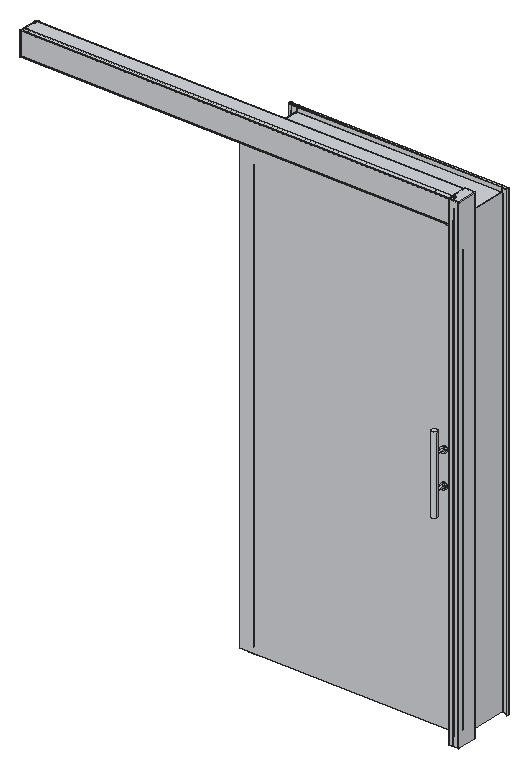
Revit family "R0000104", category Türen, Revit 2021
Family settings
  Basisbauteil = Wand
  Immer vertikal = Ja
  Beim Laden mit Abzugskörper schneiden = Nein
  Gemeinsam genutzt = Nein
  Raumberechnungspunkt = Ja
Parameters (values of type "BOS SvdW-D Typ42 SK2 für Mauerwerk als Schallschutzelement mit NOVA 150 BOS Holz")
  Grifftiefe = 60 mm  # constant formula
  TB = if([SvdW-D Typ42 SK2 mit NOVA 150 BOS Holz], 1, 1)  # 1
  Nagelanker vorne rechts [instance] = DIN links   DIN Left  # no
  Nagelanker vorne links [instance] = DIN rechts   DIN Right  # yes
  Material - Türgriff = none
  Info-Texte sichtbar = yes
  Grifflänge = 350 mm  # constant formula
  Türblatt - Auswahl = "Typ42"  # constant formula
  Schallschutzanforderung - Auswahl [instance] = if(Schallschutzklasse = 0, "Keine", "SK2")  # "SK2"
  Schallschutzanforderung [instance] = 2  # constant formula
  RNH Rohbau_Nennmaß_Höhe   Nominal Wall Opening Height Measurement [instance] = LDH effektiv Lichte Durchgangs Höhe effektiv   Real Clearance Height + Einfügepunkt  # 2130 mm
  RNB Rohbau_Nennmaß_Breite   Nominal Wall Opening Width Measurement [instance] = LDB Lichte Durchgangs Breite   Clearance Width + (2 * Einfügepunkt)  # 1010 mm
  Griffradius = 12.5 mm  # constant formula
  Führungsnutbreite = 18 mm  # constant formula
  Führungsnuttiefe = 36 mm  # constant formula
  Türblatt geöffnet in ...% LDB effektiv [instance] = if(Türblatt geöffnet in ...% LDB effektiv  Doorleaf opened in ...% Real Clearance Width < 0, 0, if(Türblatt geöffnet in ...% LDB effektiv  Doorleaf opened in ...% Real Clearance Width > 100, 100, Türblatt geöffnet in ...% LDB effektiv  Doorleaf opened in ...% Real Clearance Width))  # 0
  Türblatt geöffnet in ...% LDB effektiv  Doorleaf opened in ...% Real Clearance Width [instance] = 0
  Spiegel hinten min. = 30 mm  # constant formula
  Spiegel hinten max. = 80 mm  # constant formula
  SvdW-D Typ42 SK2 mit NOVA 150 BOS Holz = yes
  Türblatteinstand [instance] = if(DIN rechts   DIN Right, 14 mm, Spiegel vorne STR)  # 14 mm
  Variante - Auswahl [instance] = if(Standardmaße, "Standardmaße", "Sondermaße")  # "Standardmaße"
  Spiegel vorne KS [instance] = 30 mm  # constant formula
  Spiegel vorne STR [instance] = if(DIN links   DIN Left, 40 mm, 43.5 mm)  # 43.5 mm
  Spiegel vorne STL [instance] = if(DIN rechts   DIN Right, 40 mm, 43.5 mm)  # 40 mm
  STR-länge [instance] = LDH effektiv Lichte Durchgangs Höhe effektiv   Real Clearance Height  # 2093 mm
  STL-länge [instance] = LDH effektiv Lichte Durchgangs Höhe effektiv   Real Clearance Height  # 2093 mm
  Putzwinkel vorne KS = 17 mm  # constant formula
  Putzwinkel vorne STR = 17 mm  # constant formula
  Putzwinkel vorne STL = 14 mm  # constant formula
  Putzwinkel vorne AP = 15 mm  # constant formula
  Putzwinkel hinten min. = 9 mm  # constant formula
  Putzwinkel hinten max. = 28 mm  # constant formula
  Material - Dichtung = none
  KS-länge [instance] = LDB Lichte Durchgangs Breite   Clearance Width  # 936 mm
  Griffhöhe = 1068 mm  # constant formula
  Dornmaß = 55 mm  # constant formula
  GT min. [instance] = Putzwinkel hinten min. + MW min. + if(DIN rechts   DIN Right, Putzwinkel vorne STR, Putzwinkel vorne STR)  # 126 mm
  GT max. [instance] = Putzwinkel hinten max. + MW max. + if(DIN rechts   DIN Right, Putzwinkel vorne STR, Putzwinkel vorne STR)  # 605 mm
  GT Profil STR [instance] = Putzwinkel hinten + MW Maulweite   Receiving Opening + 93.5 mm  # 303.5 mm
  GT Profil STL [instance] = Putzwinkel hinten + MW Maulweite   Receiving Opening + Putzwinkel vorne STL  # 224 mm
  Fußbodenaufbau - Auswahl [instance] = if(Fußbodenaufbau < 0 mm, 0 mm, if(Fußbodenaufbau > 150 mm, 150 mm, Fußbodenaufbau))  # 0 mm
  Fußbodenaufbau [instance] = 0 mm
  Fingerschutz-Abstand = Dornmaß - 14 mm  # 41 mm
  Feuchte-/Nässeschutzklasse [instance] = if([Feuchte-/Nässeschutzanforderung] < 1, 0, 1)  # 0
  Feuchte-/Nässeschutzanforderung - Auswahl [instance] = if([Feuchte-/Nässeschutzanforderung] < 1, "Keine", "FR")  # "Keine"
  Feuchte-/Nässeschutzanforderung [instance] = 0
  Feuchte-/Nässeschutz [instance] = if([Feuchte-/Nässeschutzklasse] > 0, 1, 0)  # 0
  Material - Türblatt = none
  LDH effektiv Lichte Durchgangs Höhe effektiv   Real Clearance Height [instance] = if(Standardmaße, if(Standardmaß LDH effektiv Lichte Durchgangs Höhe effektiv   Real Clearance Height Choice < 2, 1968 mm, 2093 mm), if(Sondermaß LDH effektiv Lichte Durchgangs Höhe effektiv   Real Clearance Height Specification < LDH min., LDH min., if(Sondermaß LDH effektiv Lichte Durchgangs Höhe effektiv   Real Clearance Height Specification > LDH max., LDH max., Sondermaß LDH effektiv Lichte Durchgangs Höhe effektiv   Real Clearance Height Specification)))  # 2093 mm
  LDB effektiv Lichte Durchgangs Breite effektiv   Real Clearance Width [instance] = LDB Lichte Durchgangs Breite   Clearance Width - [Fingerschutz-Abstand] - Dornmaß  # 840 mm
  NOVA 150 BOS Holz = [SvdW-D Typ42 SK2 mit NOVA 150 BOS Holz]  # yes
  Zargenblechstärke = 1.5 mm  # constant formula
  Türblattreferenz [instance] = TAB Türblatt Außenmaß Breite - if(DIN rechts   DIN Right, Spiegel vorne STL, 14 mm) - (if(DIN links   DIN Left, -1, 1) * Türblatt geöffnet in ...% LDB effektiv * (LDB effektiv Lichte Durchgangs Breite effektiv   Real Clearance Width - [Fingerschutz-Abstand] + Dornmaß) / 100)  # 950 mm
  Türblattabstand unten [instance] = 9.5 mm  # constant formula
  TAH Türblatt_Außenmaß_Höhe   Door Leaf Overall Height Measurement [instance] = LDH effektiv Lichte Durchgangs Höhe effektiv   Real Clearance Height + 17 mm  # 2110 mm
  TAH Türblatt Außenmaß Höhe [instance] = TAH Türblatt_Außenmaß_Höhe   Door Leaf Overall Height Measurement  # 2110 mm
  TAB Türblatt_Außenmaß_Breite   Door Leaf Overall Width Measurement [instance] = LDB Lichte Durchgangs Breite   Clearance Width + 54 mm  # 990 mm
  TAB Türblatt Außenmaß Breite [instance] = TAB Türblatt_Außenmaß_Breite   Door Leaf Overall Width Measurement  # 990 mm
  Standardmaße [instance] = yes
  Sondermaße [instance] = not(Standardmaße)  # no
  Putzwinkel hinten   Backbend Back [instance] = 10 mm  # constant formula
  Wandstärke   Wall Thickness [instance] = 200 mm
  Material - Laufschiene = none
  Material - Führungszapfen = none
  Laufkastenlänge [instance] = AMB Außenmaß_Breite   Overall Width Measurement - 46.5 mm  # 1955.5 mm
  LDB Lichte Durchgangs Breite   Clearance Width [instance] = if(Standardmaße, if(Standardmaß LDB Lichte Durchgangs Breite   Clearance Width Choice < 2, 686 mm, if(Standardmaß LDB Lichte Durchgangs Breite   Clearance Width Choice = 2, 811 mm, if(Standardmaß LDB Lichte Durchgangs Breite   Clearance Width Choice = 3, 936 mm, if(Standardmaß LDB Lichte Durchgangs Breite   Clearance Width Choice = 4, 1061 mm, 1186 mm)))), if(Sondermaß LDB Lichte Durchgangs Breite   Clearance Width Specification < LDB min., LDB min., if(Sondermaß LDB Lichte Durchgangs Breite   Clearance Width Specification > LDB max., LDB max., Sondermaß LDB Lichte Durchgangs Breite   Clearance Width Specification)))  # 936 mm
  URL = "www.BestOfSteel.de/stahlzargen/zargen-fuer-schiebetueren/lineaoutside/lineaoutside-d"
  Türblattstärke = if(TB = 1, 42 mm, 42 mm)  # 42 mm
  Türblattversatz [instance] = (Wandstärke   Wall Thickness / 2) + 46 mm  # 146 mm
  Spiegel hinten   Architrave Back [instance] = 30 mm
  Spiegel hinten [instance] = if(Spiegel hinten   Architrave Back < Spiegel hinten min., Spiegel hinten min., if(Spiegel hinten   Architrave Back > Spiegel hinten max., Spiegel hinten max., Spiegel hinten   Architrave Back))  # 30 mm
  Rough Height = 0 mm  # constant formula
  Rough Width = 0 mm  # constant formula
  Rechtliche Hinweise [instance] = "www.BestOfSteel.de/tools-downloads/bim-building-information-modeling/"
  Putzwinkel hinten [instance] = if(Putzwinkel hinten   Backbend Back < Putzwinkel hinten min., Putzwinkel hinten min., if(Putzwinkel hinten   Backbend Back > Putzwinkel hinten max., Putzwinkel hinten max., Putzwinkel hinten   Backbend Back))  # 10 mm
  Modell = "SvdW-D Typ42 SK2 mit NOVA 150 BOS Holz"
  Material - Zarge = none
  Material = "grundiert, feuerverzinktes Feinblech nach DIN EN 10143"
  MW min. = 100 mm  # constant formula
  MW max. = 560 mm  # constant formula
  MW Maulweite   Receiving Opening [instance] = if(Wandstärke   Wall Thickness < MW min., MW min., if(Wandstärke   Wall Thickness > MW max., MW max., Wandstärke   Wall Thickness))  # 200 mm
  Information in English = no
  Height [instance] = RNH Rohbau_Nennmaß_Höhe   Nominal Wall Opening Height Measurement  # 2130 mm
  Hersteller = "BOS GmbH Best Of Steel, Lütkenfelde 4, D-48282 Emsdetten"
  GT Gesamttiefe_Zarge   Total Profile Depth [instance] = Putzwinkel hinten + MW Maulweite   Receiving Opening + if(DIN rechts   DIN Right, Putzwinkel vorne STL, Putzwinkel vorne STR)  # 224 mm
  MW Fehler [instance] = or(Wandstärke   Wall Thickness < MW min., Wandstärke   Wall Thickness > MW max.)  # no
  Funktion = Innen
  LDH min. = 1843 mm  # constant formula
  LDH max. = 2218 mm  # constant formula
  LDB min. = 561 mm  # constant formula
  LDB max. = 1186 mm  # constant formula
  Einfügepunkt = 37 mm  # constant formula
  Griffstange = 1 < 2  # yes
  Dicke = 0 mm  # constant formula
  Dichtungsprofil 16 mm = 1 > 2  # no
  DIN rechts   DIN Right [instance] = yes
  DIN links   DIN Left [instance] = not(DIN rechts   DIN Right)  # no
  DIN Richtung [instance] = if(DIN links   DIN Left, "DIN links", "DIN rechts")  # "DIN rechts"
  Width = 0 mm  # constant formula
  Beschreibung = "Schiebetürzarge für vor der Wand laufende Schiebetüren (LineaOutside-D Typ42 SK2) für Mauerwerk als Schallschutzelement"
  Bauelement = "BOS Stahlzarge"
  BOS-Architekten-Beratung = "Tel.: +49 (0) 2572 203-203; E-Mail: architekten@BestOfSteel.de"
  BE Bodeneinstand   Foundation Bedding [instance] = 30 mm
  BE Bodeneinstand [instance] = if(BE Bodeneinstand   Foundation Bedding < 0 mm, 0 mm, if(BE Bodeneinstand   Foundation Bedding > BE max., BE max., BE Bodeneinstand   Foundation Bedding))  # 30 mm
  BE max. = 100 mm  # constant formula
  Standardmaß LDH effektiv Lichte Durchgangs Höhe effektiv   Real Clearance Height Choice [instance] = 2
  Sondermaß LDH effektiv Lichte Durchgangs Höhe effektiv   Real Clearance Height Specification [instance] = 2093 mm
  Sondermaß LDB Lichte Durchgangs Breite   Clearance Width Specification [instance] = 936 mm
  Standardmaß LDB Lichte Durchgangs Breite   Clearance Width Choice [instance] = 3
  Technische Infos rund um die Stahlzarge = "www.BestOfSteel.de/tools-downloads/technische-infos-rund-um-die-stahlzarge/"
  Aufdopplungstiefe = 3 mm  # constant formula
  Aufdopplungslage [instance] = if(DIN rechts   DIN Right, TAB Türblatt Außenmaß Breite - Spiegel vorne STL, 0 mm)  # 950 mm
  Aufdopplungsbreite [instance] = 40 mm  # constant formula
  Aufdopplung = 1 < 2  # yes
  Anschlagprofillage [instance] = if(DIN rechts   DIN Right, LDB Lichte Durchgangs Breite   Clearance Width, 0 mm)  # 936 mm
  Anschlagprofilbreite = 95 mm  # constant formula
  Anschlagprofillänge [instance] = LDH effektiv Lichte Durchgangs Höhe effektiv   Real Clearance Height + 110 mm  # 2203 mm
  Anforderungen - Auswahl [instance] = if([Feuchte-/Nässeschutzanforderung] < 1, "SK2", "SK2 und FR")  # "SK2"
  Schallschutz [instance] = if(Schallschutzklasse > 0, 1, 0)  # 1
  Schallschutzklasse [instance] = if(Schallschutzanforderung < 1, 0, 2)  # 2
  AMH Außenmaß_Höhe   Overall Height Measurement [instance] = LDH effektiv Lichte Durchgangs Höhe effektiv   Real Clearance Height + 110 mm  # 2203 mm
  AMB Außenmaß_Breite   Overall Width Measurement [instance] = (2 * LDB Lichte Durchgangs Breite   Clearance Width) + 130 mm  # 2002 mm
  1-Kammer-Dichtung = [SvdW-D Typ42 SK2 mit NOVA 150 BOS Holz]  # yes
Reference planes
  plane 1 "Wand": y = 0
  plane 2 "Mitte (Links/rechts)": x = 125
  plane 3 "Hinten": y = 100
  plane 4 "Vorne": y = -100
  plane 5 "RNB links": x = -380
  plane 6 "RNB rechts": x = 630
  plane 7 "RNH oben": z = 2130
  plane 8 "BE": z = -30
  plane 9 "LDH oben": z = 2093
  plane 10 "BE max.": z = -100
  plane 11 "LDB links": x = -343
  plane 12 "LDB rechts": x = 593
  plane 13 "OFF": z = 0
  plane 14 "Türblattachse": y = -146
Forms (mm)
  Sweep 1, void
    path origin (0, -100, 0) x (-1, 0, 0) y (0, 0, 1)
      loop
        line (380, 0) -> (380, 2130) -> (-125, 2130)
    profile origin (-380, -100, 1065) x (1, 0, 0) y (0, 1, 0)
      loop
        line (35.5, 200) -> (35.5, 0) -> (505, 0) -> (505, 200) -> (35.5, 200)
  Sweep 2, void
    path origin (0, -100, 0) x (-1, 0, 0) y (0, 0, 1)
      loop
        line (-630, 0) -> (-630, 2130) -> (-125, 2130)
    profile origin (630, -100, 1065) x (1, 0, 0) y (0, 1, 0)
      loop
        line (-505, 200) -> (-505, 0) -> (-35.5, 0) -> (-35.5, 200) -> (-505, 200)
Lines and regions (mm)
  reference lines
    curve 1: line (65, 650, 0) -> (185, 650, 0)
    curve 2: line (65, -650, 0) -> (185, -650, 0)
    curve 3: line (1130, 100, 0) -> (1130, -100, 0)
Text (mm)
  text "Außen     " at (-1696.17, 830.944, 0), in view "Ref.-Ebene"
  text "Außen" at (0, 1409.804, 2854.306), in view "Links"
  text "Placement side" at (0, 499.811, 2980.732), in view "Rechts"
Dimensions and locks
  locked: plane 3 "Hinten" to host wall
  locked: host wall to plane 4 "Vorne"
  level to plane 7 "RNH oben" = 2130 mm
  equal spacing: plane 5 "RNB links", plane 2 "Mitte (Links/rechts)", plane 6 "RNB rechts"
  "Wandstärke   Wall Thickness": host wall to host wall
  "LDH effektiv Lichte Durchgangs Höhe effektiv   Real Clearance Height": plane 9 "LDH oben" to plane 13 "OFF"
  "RNH Rohbau_Nennmaß_Höhe   Nominal Wall Opening Height Measurement": plane 7 "RNH oben" to plane 13 "OFF"
  "RNB Rohbau_Nennmaß_Breite   Nominal Wall Opening Width Measurement": plane 5 "RNB links" to plane 6 "RNB rechts"
  curve 2 to plane 4 "Vorne" to plane 3 "Hinten" to curve 1 = 550 mm, 200 mm, 550 mm
  equal spacing: plane 11 "LDB links", plane 2 "Mitte (Links/rechts)", plane 12 "LDB rechts"
  "LDB Lichte Durchgangs Breite   Clearance Width": plane 11 "LDB links" to plane 12 "LDB rechts"
  plane 6 "RNB rechts" to curve 3 = 500 mm
  "Fußbodenaufbau - Auswahl": plane 13 "OFF" to level
  "BE Bodeneinstand": plane 13 "OFF" to plane 8 "BE"
  "BE max.": level to plane 10 "BE max."
  "Türblattversatz": plane 14 "Türblattachse" to host wall
  aligned and locked: plane 1 "Wand" to host wall
  aligned and locked: plane 9 "LDH oben" to nested 1
  aligned and locked: plane 4 "Vorne" to nested 1
  aligned and locked: plane 2 "Mitte (Links/rechts)" to nested 1
  aligned and locked: plane 3 "Hinten" to curve 3
  aligned and locked: plane 4 "Vorne" to curve 3
  aligned and locked: nested 2 to plane 4 "Vorne"
  aligned and locked: plane 2 "Mitte (Links/rechts)" to nested 2
  aligned and locked: nested 3 to curve 3
  aligned and locked: plane 1 "Wand" to nested 3
  aligned and locked: plane 2 "Mitte (Links/rechts)" to nested 4
  aligned and locked: curve 1 to nested 4
  aligned and locked: curve 2 to nested 5
  aligned and locked: nested 5 to plane 2 "Mitte (Links/rechts)"
  aligned and locked: plane 11 "LDB links" to nested 6
  aligned and locked: nested 6 to plane 4 "Vorne"
  aligned and locked: plane 12 "LDB rechts" to nested 8
  aligned and locked: plane 4 "Vorne" to nested 8
  aligned and locked: plane 13 "OFF" to nested 6
  aligned and locked: nested 8 to plane 13 "OFF"
  aligned and locked: nested 9 to plane 13 "OFF"
  aligned and locked: plane 13 "OFF" to nested 7
  aligned and locked: plane 11 "LDB links" to nested 7
  aligned and locked: plane 12 "LDB rechts" to nested 9
  aligned and locked: nested 7 to plane 4 "Vorne"
  aligned and locked: plane 4 "Vorne" to nested 9
  aligned and locked: nested 10 to plane 4 "Vorne"
  aligned and locked: plane 12 "LDB rechts" to nested 10
  aligned and locked: plane 4 "Vorne" to nested 11
  aligned and locked: plane 11 "LDB links" to nested 11
  aligned and locked: plane 14 "Türblattachse" to nested 12
  aligned and locked: plane 11 "LDB links" to nested 12
  aligned and locked: Sweep 1 sketch curve to plane 7 "RNH oben"
  aligned and locked: plane 2 "Mitte (Links/rechts)" to Sweep 1 sketch curve
  aligned and locked: plane 5 "RNB links" to Sweep 1 sketch curve
  aligned and locked: Sweep 1 sketch curve to nested 2
  aligned and locked: plane 7 "RNH oben" to Sweep 2 sketch curve
  aligned and locked: plane 2 "Mitte (Links/rechts)" to Sweep 2 sketch curve  (x2)
  aligned and locked: plane 6 "RNB rechts" to Sweep 2 sketch curve
  aligned and locked: level to Sweep 2 sketch curve
  aligned and locked: plane 5 "RNB links" to nested 14
  aligned and locked: plane 6 "RNB rechts" to nested 15
  aligned and locked: nested 15 to plane 4 "Vorne"
  aligned and locked: plane 4 "Vorne" to nested 14
  aligned and locked: nested 13 to nested 14  (x2)
Automatic sketch dimensions
  plane 2 "Mitte (Links/rechts)" to curve 1 = 60 mm
  plane 2 "Mitte (Links/rechts)" to curve 2 = 60 mm
  curve 1 to plane 2 "Mitte (Links/rechts)" = 60 mm
  curve 2 to plane 2 "Mitte (Links/rechts)" = 60 mm
  plane 10 "BE max." to Sweep 1 sketch curve = 100 mm
  Sweep 1 sketch curve to plane 4 "Vorne" = 0 mm
  Sweep 1 sketch curve to profile plane = 35.5 mm
  plane 4 "Vorne" to Sweep 1 sketch curve = 200 mm
  Sweep 2 sketch curve to plane 4 "Vorne" = 0 mm
  profile plane to Sweep 2 sketch curve = 35.5 mm
  plane 4 "Vorne" to Sweep 2 sketch curve = 200 mm
Nested families
  nested 1: "BOS-Laufkasten-(w)SvdW-D(SK2)_Modell-21" at (29.653, -64.347, 2122.996), type "Laufkasten", detail levels medium+fine
    with TSExtrusionsbeginn -1484.5 mm, TSExtrusionsende 464 mm, Laufkastenlänge 1955.5 mm, N355-Extrusionsende 436 mm, N355-Extrusionsbeginn -1456.5 mm, LKExtrusionsende 466.5 mm, LKExtrusionsbeginn -1487 mm, LDB 936 mm
  nested 2: "BOS-Kopfstück-SvdW-D(SK2)_Modell-21" at (-47.574, -20.347, 2093), type "Kopfstück", detail levels medium+fine
    with Überstand rechts 30 mm, Überstand links 30 mm, Spiegel hinten 30 mm, Putzwinkel hinten 10 mm, GT Profil 227 mm, Elementlänge 936 mm
  nested 3: "BOS-Info-Texte_Beschriftung-21" at (1130, -0.955, 0), visible <- "MW Fehler", type "Maulweite Fehlermeldung"
  nested 4: "BOS-Info-Texte_Beschriftung-21" at (125, 649.045, 0), visible <- "Info-Texte sichtbar", type "Technische Hinweise"
  nested 5: "BOS-Info-Texte_Beschriftung-21" at (125, -650.955, 0), visible <- "Info-Texte sichtbar", type "Rechtliche Hinweise"
  nested 6: "BOS-Seitenteil-SvdW-D(SK2)_Modell-21" at (-438.347, -20.347, -0.004), visible <- "DIN rechts   DIN Right", type "Seitenteil links", detail levels medium+fine
    with Putzwinkel hinten 10 mm, GT Profil 224 mm, Elementlänge 2093 mm
  nested 7: "BOS-Seitenteil-SvdW-D(SK2)_Modell-21" at (-438.347, -20.347, -0.004), visible <- "DIN links   DIN Left", type "Seitenteil rechts", detail levels medium+fine
    with Putzwinkel hinten 10 mm, GT Profil 303.5 mm, Elementlänge 2093 mm
  nested 8: "BOS-Seitenteil-SvdW-D(SK2)_Modell-21" at (688.347, -20.347, -0.004) x (-1, 0, 0) z (0, 0, 1), visible <- "DIN links   DIN Left", type "Seitenteil links", detail levels medium+fine
    with Putzwinkel hinten 10 mm, GT Profil 224 mm, Elementlänge 2093 mm
  nested 9: "BOS-Seitenteil-SvdW-D(SK2)_Modell-21" at (688.347, -20.347, -0.004) x (-1, 0, 0) z (0, 0, 1), visible <- "DIN rechts   DIN Right", type "Seitenteil rechts", detail levels medium+fine
    with Putzwinkel hinten 10 mm, GT Profil 303.5 mm, Elementlänge 2093 mm
  nested 10: "BOS-Anschlagprofil-(w)SvdW-D(SK2)_Modell-21" at (497.653, -20.347, 0), visible <- "DIN rechts   DIN Right", type "Anschlagprofil", detail levels medium+fine
    with Dichtungsprofil 16 mm no, BE Bodeneinstand 30 mm, 1-Kammer-Dichtung yes
  nested 11: "BOS-Anschlagprofil-(w)SvdW-D(SK2)_Modell-21" at (-247.653, -20.347, 0.004) x (-1, 0, 0) z (0, 0, 1), visible <- "DIN links   DIN Left", type "Anschlagprofil", detail levels medium+fine
    with Dichtungsprofil 16 mm no, BE Bodeneinstand 30 mm, 1-Kammer-Dichtung yes
  nested 12: "JW-Türblatt-Schiebetürzargen_Modell-21" at (-414, -255, 0), type "JW Typ42 SK2 Professional", detail levels medium+fine
    with Türblattreferenz 950 mm, Grifftiefe 60 mm, Griffposition 935 mm, Griffhöhe 1068 mm, TAB Türblatt Außenmaß Breite 990 mm, Bekleidung 0.5 mm, Aufdopplungslage 950 mm
  nested 13: "BOS-Logo_Modell-21" at (-368, 76.701, 0), type "BOS-Logo_Modell-21", detail levels fine
  nested 14: "BOS-loser-Nagelanker-SvdW-D(SK2)_Detail-21" at (-365, -50, 0), type "BOS loser Nagelanker links SvdW-D(SK2)", detail levels fine
  nested 15: "BOS-loser-Nagelanker-SvdW-D(SK2)_Detail-21" at (615, -50, 0) x (-1, 0, 0) z (0, 0, 1), type "BOS loser Nagelanker rechts SvdW-D(SK2)", detail levels fine
Definition of nested family "BOS-Laufkasten-(w)SvdW-D(SK2)_Modell-21"
  Parameters (values of type "BOS-Laufkasten-(w)SvdW-D_Modell-21")
    Default Elevation = 1219.2 mm
    URL = "www.BestOfSteel.de"
    Trägerschienenabstand = 2.5 mm  # constant formula
    Technische Infos rund um die Stahlzarge = "www.BestOfSteel.de/tools-downloads/technische-infos-rund-um-die-stahlzarge"
    TSExtrusionsbeginn = LKExtrusionsbeginn + Trägerschienenabstand  # -217 mm
    TSExtrusionsende = LKExtrusionsende - Trägerschienenabstand  # 56 mm
    Rechtliche Hinweise = "www.BestOfSteel.de/tools-downloads/bim-building-information-modeling"
    Material - Zarge = none
    Material - Laufschiene = none
    Laufschienenabstand = if([Laufschiene N355 (NOVA 150)], 28 mm, 28 mm)  # 28 mm
    Laufschiene N355 (NOVA 150) = yes
    Laufkastenlänge = 280 mm
    Laufkastenendkappenstärke = 2 mm
    N355-Extrusionsende = TSExtrusionsende - Laufschienenabstand  # 28 mm
    N355-Extrusionsbeginn = TSExtrusionsbeginn + Laufschienenabstand  # -189 mm
    LKExtrusionsende = if(DIN links, (Laufkastenlänge - Laufkastenendkappenstärke - LDB / 2 + 1.5 mm), LDB / 2 - 1.5 mm)  # 58.5 mm
    LKExtrusionsbeginn = if(DIN rechts, -(Laufkastenlänge - Laufkastenendkappenstärke - LDB / 2 + 1.5 mm), -LDB / 2 + 1.5 mm)  # -219.5 mm
    LDB = 120 mm
    DIN rechts = yes
    DIN links = no
    Description = "Laufkasten (w)SvdW-D"
    Keynote = "BOS Laufkasten"
    BOS-Architekten-Beratung = "Tel.: +49 (0) 2572 203-203; E-Mail: architekten@BestOfSteel.de"
  Reference planes
    plane 1 "Achse Laufschiene": y = -79.653
    plane 2 "Spiegel vorne oben": z = 0.004
    plane 3 "Mitte (Zarge)": x = 95.347
    plane 4 "LDB links/rechts": x = 35.347
    plane 5 "LDB rechts/links": x = 155.347
    plane 6 "AMH oben": z = 80.004
    plane 7 "Außen": y = -130.653
    plane 8 "Wand": y = -35.653
    plane 9 "LK unten": z = -29.996
  Forms (mm)
    Extrusion 1, solid, material <- "Material - Zarge"
      sketch origin (95.347, 0, -28.996) x (0, 1, 0) y (0, 0, 1)
        loop
          line (-38.653, 107.5) -> (-107.653, 107.5) -> (-107.653, 109) -> (-126.653, 109)
          arc (-126.653, 109) -> (-128.42, 108.268) -> (-129.153, 106.5) r 2.5
          line (-129.153, 106.5) -> (-129.153, 1.5)
          arc (-129.153, 1.5) -> (-128.42, -0.268) -> (-126.653, -1) r 2.5
          line (-126.653, -1) -> (-111.153, -1)
          arc (-111.153, -1) -> (-109.385, -0.268) -> (-108.653, 1.5) r 2.5
          line (-108.653, 1.5) -> (-108.653, 6.5) -> (-110.153, 6.5) -> (-110.153, 1.5)
          arc (-110.153, 1.5) -> (-110.446, 0.793) -> (-111.153, 0.5) r 1
          line (-111.153, 0.5) -> (-126.653, 0.5)
          arc (-126.653, 0.5) -> (-127.36, 0.793) -> (-127.653, 1.5) r 1
          line (-127.653, 1.5) -> (-127.653, 79.5) -> (-125.653, 79.5) -> (-125.653, 104.5)
          arc (-125.653, 104.5) -> (-125.36, 105.207) -> (-124.653, 105.5) r 1
          line (-124.653, 105.5) -> (-38.653, 105.5)
          arc (-38.653, 105.5) -> (-37.946, 105.207) -> (-37.653, 104.5) r 1
          line (-37.653, 104.5) -> (-37.653, 32)
          arc (-37.653, 32) -> (-37.946, 31.293) -> (-38.653, 31) r 1
          line (-38.653, 31) -> (-52.653, 31) -> (-52.653, 29) -> (-38.653, 29)
          arc (-38.653, 29) -> (-36.531, 29.879) -> (-35.653, 32) r 3
          line (-35.653, 32) -> (-35.653, 104.5)
          arc (-35.653, 104.5) -> (-36.531, 106.621) -> (-38.653, 107.5) r 3
      from -219.5 <- "LKExtrusionsbeginn" to 58.5 <- "LKExtrusionsende"
    Extrusion 2, solid, material <- "Material - Zarge"
      sketch origin (95.347, 0, 15.692) x (0, 1, 0) y (0, 0, 1)
        loop
          line (-55.153, 58.312) -> (-38.653, 58.312) -> (-38.653, 60.312) -> (-55.153, 60.312)
          arc (-55.153, 60.312) -> (-57.981, 59.14) -> (-59.153, 56.312) r 4
          line (-59.153, 56.312) -> (-59.153, 49.312)
          arc (-59.153, 49.312) -> (-59.738, 47.898) -> (-61.153, 47.312) r 2
          line (-61.153, 47.312) -> (-98.153, 47.312)
          arc (-98.153, 47.312) -> (-99.567, 47.898) -> (-100.153, 49.312) r 2
          line (-100.153, 49.312) -> (-100.153, 56.312)
          arc (-100.153, 56.312) -> (-101.324, 59.14) -> (-104.153, 60.312) r 4
          line (-104.153, 60.312) -> (-116.153, 60.312) -> (-116.153, 58.312) -> (-104.153, 58.312)
          arc (-104.153, 58.312) -> (-102.738, 57.726) -> (-102.153, 56.312) r 2
          line (-102.153, 56.312) -> (-102.153, 49.312)
          arc (-102.153, 49.312) -> (-100.981, 46.484) -> (-98.153, 45.312) r 4
          line (-98.153, 45.312) -> (-61.153, 45.312)
          arc (-61.153, 45.312) -> (-58.324, 46.484) -> (-57.153, 49.312) r 4
          line (-57.153, 49.312) -> (-57.153, 56.312)
          arc (-57.153, 56.312) -> (-56.567, 57.726) -> (-55.153, 58.312) r 2
      from -217 <- "TSExtrusionsbeginn" to 56 <- "TSExtrusionsende"
    Extrusion 3, solid, material <- "Material - Laufschiene"
      sketch origin (95.347, 0, 15.692) x (0, 1, 0) y (0, 0, 1)
        loop
          line (-61.903, 45.312) -> (-97.403, 45.312) -> (-97.403, -0.188) -> (-88.403, -0.188) -> (-88.403, 7.312) -> (-94.903, 9.678) -> (-94.903, 33.124) -> (-88.767, 35.357) -> (-88.767, 42.812) -> (-72.403, 42.812) -> (-72.403, 36.035) -> (-64.403, 33.124) -> (-64.403, 9.678) -> (-70.903, 7.312) -> (-70.903, -0.188) -> (-61.903, -0.188) -> (-61.903, 45.312)
      from -189 <- "N355-Extrusionsbeginn" to 28 <- "N355-Extrusionsende"
    Extrusion 4, solid, material <- "Material - Zarge", visible <- "DIN rechts"
      sketch origin (95.347, 0, -1.5) x (0, 1, 0) y (0, 0, 1)
        loop
          line (-38.653, 80.004) -> (-126.653, 80.004)
          arc (-126.653, 80.004) -> (-128.444, 78.982) -> (-129.153, 77.046) r 3
          line (-129.153, 77.046) -> (-129.153, -26.996)
          arc (-129.153, -26.996) -> (-128.274, -29.118) -> (-126.153, -29.996) r 3
          line (-126.153, -29.996) -> (-38.653, -29.996)
          arc (-38.653, -29.996) -> (-36.531, -29.118) -> (-35.653, -26.996) r 3
          line (-35.653, -26.996) -> (-35.653, 77.004)
          arc (-35.653, 77.004) -> (-36.531, 79.125) -> (-38.653, 80.004) r 3
      from -221.5 to -219.5
    Extrusion 5, solid, material <- "Material - Zarge", visible <- "DIN links"
      sketch origin (95.347, 0, -1.5) x (0, 1, 0) y (0, 0, 1)
        loop
          line (-38.653, 80.004) -> (-126.653, 80.004)
          arc (-126.653, 80.004) -> (-128.444, 78.982) -> (-129.153, 77.046) r 3
          line (-129.153, 77.046) -> (-129.153, -26.996)
          arc (-129.153, -26.996) -> (-128.274, -29.118) -> (-126.153, -29.996) r 3
          line (-126.153, -29.996) -> (-38.653, -29.996)
          arc (-38.653, -29.996) -> (-36.531, -29.118) -> (-35.653, -26.996) r 3
          line (-35.653, -26.996) -> (-35.653, 77.004)
          arc (-35.653, 77.004) -> (-36.531, 79.125) -> (-38.653, 80.004) r 3
      from 58.5 to 60.5
  Dimensions and locks
    "LDB": plane 5 "LDB rechts/links" to plane 4 "LDB links/rechts"
    equal spacing: plane 5 "LDB rechts/links", plane 3 "Mitte (Zarge)", plane 4 "LDB links/rechts"
    plane 6 "AMH oben" to plane 9 "LK unten" = 110 mm
    plane 8 "Wand" to plane 7 "Außen" = 95 mm  (x2)
    plane 8 "Wand" to plane 1 "Achse Laufschiene" = 44 mm
    plane 6 "AMH oben" to plane 2 "Spiegel vorne oben" = 80 mm
    "Laufkastenendkappenstärke": Extrusion 4 to Extrusion 4
    "Laufkastenendkappenstärke": Extrusion 5 to Extrusion 5
    aligned and locked: plane 2 "Spiegel vorne oben" to level
    aligned and locked: Extrusion 4 to Extrusion 1
    aligned and locked: Extrusion 5 to Extrusion 1
  Automatic sketch dimensions
    Extrusion 1 sketch curve to Extrusion 1 sketch curve = 0 mm  (x10)
    plane 7 "Außen" to Extrusion 1 sketch curve = 1.5 mm
    Extrusion 1 sketch curve to Extrusion 1 sketch curve = 1.5 mm
    Extrusion 1 sketch curve to Extrusion 1 sketch curve = 1 mm  (x5)
    Extrusion 1 sketch curve to Extrusion 1 sketch curve = 15.5 mm
    Extrusion 1 sketch curve to Extrusion 1 sketch curve = 17 mm
    Extrusion 1 sketch curve to plane 6 "AMH oben" = 80 mm
    plane 7 "Außen" to Extrusion 1 sketch curve = 78 mm
    plane 7 "Außen" to Extrusion 1 sketch curve = 92 mm
    Extrusion 1 sketch curve to Extrusion 1 sketch curve = 14 mm
    Extrusion 1 sketch curve to Extrusion 1 sketch curve = 2 mm  (x2)
    Extrusion 1 sketch curve to plane 6 "AMH oben" = 102.5 mm
    Extrusion 1 sketch curve to plane 6 "AMH oben" = 29.5 mm
    Extrusion 1 sketch curve to Extrusion 1 sketch curve = 72.5 mm
    Extrusion 2 sketch curve to Extrusion 2 sketch curve = 0 mm  (x8)
    plane 7 "Außen" to Extrusion 2 sketch curve = 14.5 mm
    Extrusion 2 sketch curve to Extrusion 2 sketch curve = 12 mm
    Extrusion 2 sketch curve to Extrusion 2 sketch curve = 2 mm  (x5)
    Extrusion 2 sketch curve to plane 1 "Achse Laufschiene" = 18.5 mm
    Extrusion 2 sketch curve to plane 8 "Wand" = 3 mm
    Extrusion 2 sketch curve to plane 6 "AMH oben" = 19 mm
    Extrusion 2 sketch curve to Extrusion 2 sketch curve = 7 mm  (x2)
    Extrusion 3 sketch curve to plane 6 "AMH oben" = 19 mm
    plane 7 "Außen" to Extrusion 3 sketch curve = 33.25 mm
    Extrusion 3 sketch curve to plane 6 "AMH oben" = 54.634 mm
    Extrusion 3 sketch curve to Extrusion 3 sketch curve = 2.5 mm
    Extrusion 3 sketch curve to Extrusion 3 sketch curve = 6.5 mm  (x2)
    Extrusion 3 sketch curve to Extrusion 3 sketch curve = 6.135 mm
    Extrusion 3 sketch curve to plane 6 "AMH oben" = 21.5 mm
    Extrusion 3 sketch curve to Extrusion 3 sketch curve = 16.365 mm
    Extrusion 3 sketch curve to Extrusion 3 sketch curve = 17.5 mm
    Extrusion 3 sketch curve to Extrusion 3 sketch curve = 10.5 mm
    Extrusion 3 sketch curve to Extrusion 3 sketch curve = 0 mm
    Extrusion 3 sketch curve to Extrusion 3 sketch curve = 2.366 mm  (x2)
    Extrusion 3 sketch curve to Extrusion 3 sketch curve = 7.5 mm  (x2)
    Extrusion 3 sketch curve to plane 6 "AMH oben" = 31.188 mm  (x2)
    Extrusion 3 sketch curve to Extrusion 3 sketch curve = 7.455 mm
    Extrusion 3 sketch curve to Extrusion 3 sketch curve = 6.777 mm
    Extrusion 1 sketch curve to plane 6 "AMH oben" = 0 mm
    Extrusion 1 sketch curve to plane 9 "LK unten" = 0 mm
    Extrusion 4 sketch curve to plane 8 "Wand" = 0 mm
    Extrusion 4 sketch curve to plane 6 "AMH oben" = 1.5 mm
    Extrusion 4 sketch curve to plane 8 "Wand" = 3 mm  (x2)
    Extrusion 4 sketch curve to plane 9 "LK unten" = 1.5 mm
    plane 7 "Außen" to Extrusion 4 sketch curve = 4.5 mm
    plane 7 "Außen" to Extrusion 4 sketch curve = 1.5 mm
    Extrusion 4 sketch curve to Extrusion 4 sketch curve = 2.958 mm
    plane 7 "Außen" to Extrusion 4 sketch curve = 4 mm
    Extrusion 5 sketch curve to plane 8 "Wand" = 0 mm
    Extrusion 5 sketch curve to plane 8 "Wand" = 3 mm  (x2)
    plane 7 "Außen" to Extrusion 5 sketch curve = 4.5 mm  (x2)
    Extrusion 5 sketch curve to Extrusion 5 sketch curve = 0.5 mm
    plane 7 "Außen" to Extrusion 5 sketch curve = 1.5 mm
    Extrusion 5 sketch curve to plane 6 "AMH oben" = 111.5 mm
    Extrusion 5 sketch curve to Extrusion 5 sketch curve = 104 mm
Definition of nested family "BOS-Kopfstück-SvdW-D(SK2)_Modell-21"
  Parameters (values of type "Kopfstück")
    Überstand rechts = Spiegel hinten  # 40 mm
    Überstand links = Spiegel hinten  # 40 mm
    Default Elevation = 1219.2 mm
    URL = "www.BestOfSteel.de"
    Technische Infos rund um die Stahlzarge = "www.BestOfSteel.de/tools-downloads/technische-infos-rund-um-die-stahlzarge"
    Spiegel vorne oben = 30 mm
    Spiegel hinten = 40 mm
    Rechtliche Hinweise = "www.BestOfSteel.de/tools-downloads/bim-building-information-modeling"
    Putzwinkel vorne KS = 17 mm
    Putzwinkel hinten = 15 mm
    Material - Dichtung = none
    MW Maulweite = 200 mm
    Material - Zarge = none
    GT Profil = Putzwinkel hinten + MW Maulweite + Putzwinkel vorne KS  # 232 mm
    Elementlänge = 300 mm
    Description = "SvdW-D(SK2)"
    Keynote = "BOS Kopfstück"
    BOS-Architekten-Beratung = "Tel.: +49 (0) 2572 203-203; E-Mail: architekten@BestOfSteel.de"
  Reference planes
    plane 1 "Vorne": y = -79.653
    plane 2 "LDH oben": z = 0.004
    plane 3 "Mitte (links/rechts)": x = 172.574
    plane 4: y = 120.347
    plane 5: y = -96.653
    plane 6: z = 30.004
    plane 7: z = 40.004
    plane 8: y = 133.847
    plane 9: y = 133.847
    plane 10: y = 135.347
    plane 11: x = 22.574
    plane 12: x = 322.574
    plane 13: x = -17.426
    plane 14: x = 362.574
  Forms (mm)
    Sweep 1, solid, material <- "Material - Zarge"
      path origin (56.303, -1524, 0.004) x (-1, 0, 0) y (0, -1, 0)
        loop
          line (73.728, -1444.347) -> (-306.272, -1444.347)
      profile "BOS-SvdW-D_Profil-21 : BOS-SvdW-D_Profil-21" origin (172.574, -79.653, 0.004) x (0, 1, 0) y (0, 0, 1)
        loop
          line (-14.25, 0) -> (212.5, 0)
          arc (212.5, 0) -> (214.268, 0.732) -> (215, 2.5) r 2.5
          line (215, 2.5) -> (215, 37.5)
          arc (215, 37.5) -> (214.268, 39.268) -> (212.5, 40) r 2.5
          line (212.5, 40) -> (200, 40) -> (200, 38.5) -> (212.5, 38.5)
          arc (212.5, 38.5) -> (213.207, 38.207) -> (213.5, 37.5) r 1
          line (213.5, 37.5) -> (213.5, 2.5)
          arc (213.5, 2.5) -> (213.207, 1.793) -> (212.5, 1.5) r 1
          line (212.5, 1.5) -> (-14.25, 1.5)
          arc (-14.25, 1.5) -> (-15.495, 2.865) -> (-14.021, 3.979) r 1.25
          line (-14.021, 3.979) -> (-9.051, 3.051)
          arc (-9.051, 3.051) -> (-6.583, 3.692) -> (-5.5, 6) r 3
          line (-5.5, 6) -> (-5.5, 14)
          arc (-5.5, 14) -> (-6.232, 15.768) -> (-8, 16.5) r 2.5
          line (-8, 16.5) -> (-14.5, 16.5)
          arc (-14.5, 16.5) -> (-15.207, 16.793) -> (-15.5, 17.5) r 1
          line (-15.5, 17.5) -> (-15.5, 27.5)
          arc (-15.5, 27.5) -> (-15.207, 28.207) -> (-14.5, 28.5) r 1
          line (-14.5, 28.5) -> (0, 28.5) -> (0, 30) -> (-14.5, 30)
          arc (-14.5, 30) -> (-16.268, 29.268) -> (-17, 27.5) r 2.5
          line (-17, 27.5) -> (-17, 17.5)
          arc (-17, 17.5) -> (-16.268, 15.732) -> (-14.5, 15) r 2.5
          line (-14.5, 15) -> (-8, 15)
          arc (-8, 15) -> (-7.293, 14.707) -> (-7, 14) r 1
          line (-7, 14) -> (-7, 6)
          arc (-7, 6) -> (-7.542, 4.846) -> (-8.775, 4.525) r 1.5
          line (-8.775, 4.525) -> (-13.745, 5.453)
          arc (-13.745, 5.453) -> (-16.988, 3.004) -> (-14.25, 0) r 2.75
    Extrusion 2, void
      sketch origin (0, -79.653, 0) x (1, 0, 0) y (0, 0, 1)
        loop
          line (-17.426, 38.504) -> (-17.426, 0.004) -> (22.574, 0.004) -> (22.574, 38.504) -> (-17.426, 38.504)
        loop
          line (322.574, 38.504) -> (322.574, 0.004) -> (362.574, 0.004) -> (362.574, 38.504) -> (322.574, 38.504)
      from -215 to 17
    Sweep 3, solid, material <- "Material - Dichtung"
      path origin (0, 0, 0.004) x (1, 0, 0) y (0, 1, 0)
        loop
          line (22.574, -79.653) -> (322.574, -79.653)
      profile "BOS-Dichtungsprofil_Profil-21 : BOS-Dichtungsprofil_Profil-21" origin (172.574, -79.653, 0.004) x (0, 1, 0) y (0, 0, 1)
        loop
          line (-16.045, 12.99) -> (-16.045, 6.732) -> (-8.493, 6.732) -> (-8.493, 12.99) -> (-16.045, 12.99)
        loop
          arc (-19.122, 11.602) -> (-20.701, 11.559) -> (-22.278, 11.669) r 16.343
          line (-22.278, 11.669) -> (-23.272, 14.897)
          arc (-23.272, 14.897) -> (-24.329, 14.933) -> (-25, 14.116) r 1.195
          arc (-25, 14.116) -> (-23.289, 6.56) -> (-18.068, 0.835) r 15.164
          arc (-18.068, 0.835) -> (-17.406, 0.805) -> (-17.054, 1.366) r 0.658
          line (-17.054, 1.366) -> (-16.959, 4.244)
          arc (-16.959, 4.244) -> (-16.522, 5.3) -> (-15.466, 5.737) r 1.494
          line (-15.466, 5.737) -> (-9.199, 5.737)
          arc (-9.199, 5.737) -> (-9.383, 4.696) -> (-8.326, 4.661) r 0.7
          line (-8.326, 4.661) -> (-7, 6.091) -> (-7, 13.615) -> (-7.622, 14.659)
          arc (-7.622, 14.659) -> (-8.56, 14.914) -> (-8.849, 13.986) r 0.7
          line (-8.849, 13.986) -> (-11.688, 13.986) -> (-12.059, 14.68)
          arc (-12.059, 14.68) -> (-13.023, 14.957) -> (-13.274, 13.986) r 0.7
          line (-13.274, 13.986) -> (-15.706, 13.986)
          arc (-15.706, 13.986) -> (-16.687, 15.015) -> (-17.441, 13.811) r 0.9
          line (-17.441, 13.811) -> (-19.122, 11.602)
        loop
          arc (-17.802, 2.712) -> (-18.206, 4.787) -> (-17.041, 6.55) r 2.794
          line (-17.041, 6.55) -> (-17.041, 13.373) -> (-18.931, 10.89)
          arc (-18.931, 10.89) -> (-20.822, 10.805) -> (-22.698, 11.059) r 10.612
          line (-22.698, 11.059) -> (-23.714, 13.608)
          arc (-23.714, 13.608) -> (-22.172, 7.392) -> (-17.802, 2.712) r 12.738
  Cuts and joins
    Extrusion 2 cuts Sweep 1
  Dimensions and locks
    "MW Maulweite": plane 4 to plane 1 "Vorne"
    "Putzwinkel hinten": plane 10 to plane 4
    "Spiegel hinten": plane 2 "LDH oben" to plane 7
    "Putzwinkel vorne KS": plane 1 "Vorne" to plane 5
    "Spiegel vorne oben": plane 2 "LDH oben" to plane 6
    equal spacing: plane 12, plane 3 "Mitte (links/rechts)", plane 11
    "Elementlänge": plane 12 to plane 11
    "Überstand links": plane 11 to plane 13
    "Überstand rechts": plane 14 to plane 12
    plane 7 to Extrusion 2 sketch curve = 1.5 mm
    aligned and locked: plane 2 "LDH oben" to level
    aligned and locked: plane 13 to Sweep 1 sketch curve
    aligned and locked: plane 14 to Sweep 1 sketch curve
    aligned and locked: Extrusion 2 sketch curve to plane 14
    aligned and locked: plane 12 to Extrusion 2 sketch curve
    aligned and locked: plane 2 "LDH oben" to Extrusion 2 sketch curve  (x2)
    aligned and locked: plane 13 to Extrusion 2 sketch curve
    aligned and locked: Extrusion 2 sketch curve to plane 11
    aligned and locked: Extrusion 2 sketch curve to Extrusion 2 sketch curve
    aligned and locked: Extrusion 2 to plane 10
    aligned and locked: Extrusion 2 to Sweep 1
    aligned and locked: plane 1 "Vorne" to Sweep 3 sketch curve
    aligned and locked: plane 11 to Sweep 3 sketch curve
    aligned and locked: plane 12 to Sweep 3 sketch curve
  Automatic sketch dimensions
    plane 1 "Vorne" to Sweep 1 sketch curve = 0 mm
Definition of nested family "BOS-Seitenteil-SvdW-D(SK2)_Modell-21"
  Parameters (values of type "Seitenteil links")
    Default Elevation = 1219.2 mm
    URL = "www.BestOfSteel.de"
    Technische Infos rund um die Stahlzarge = "www.BestOfSteel.de/tools-downloads/technische-infos-rund-um-die-stahlzarge"
    Spiegel vorne KS = 30 mm
    Spiegel vorne = if(Seitenteil links, 40 mm, 43.5 mm)  # 40 mm
    Spiegel hinten = 30 mm
    Seitenteil rechts = no
    Seitenteil links = yes
    Rechtliche Hinweise = "www.BestOfSteel.de/tools-downloads/bim-building-information-modeling"
    Putzwinkel vorne I = if(Seitenteil links, 14 mm, 17 mm)  # 14 mm
    Putzwinkel vorne II = if(Seitenteil links, 14 mm, 15 mm)  # 14 mm
    Putzwinkel hinten = 15 mm
    Material - Dichtung = none
    MW Maulweite = 200 mm
    Material - Zarge = none
    GT Profil = 229 mm
    Elementlänge = 540 mm
    Extrusionsende = Spiegel hinten - 1.5 mm  # 28.5 mm
    Dichtungversatz vertikal = if(Seitenteil links, 4 mm, 7 mm)  # 4 mm
    Dichtungversatz horizontal = if(Seitenteil links, 4.5 mm, 15 mm)  # 4.5 mm
    Dichtung gespiegelt = Seitenteil links  # yes
    BE Bodeneinstand = 30 mm
    Description = "SvdW-D(SK2)"
    Keynote = "BOS Seitenteil"
    BOS-Architekten-Beratung = "Tel.: +49 (0) 2572 203-203; E-Mail: architekten@BestOfSteel.de"
  Types (2, lengths in mm): name | Spiegel vorne | Seitenteil rechts | Seitenteil links | Putzwinkel vorne I | Putzwinkel vorne II | GT Profil | Dichtungversatz vertikal | Dichtungversatz horizontal | Dichtung gespiegelt
    Seitenteil links | 40 | no | yes | 14 | 14 | 229 | 4 | 4.5 | yes
    Seitenteil rechts | 43.5 | yes | no | 17 | 15 | 308.5 | 7 | 15 | no
  Reference planes
    plane 1 "Vorne": y = -79.653
    plane 2 "OFF": z = 0.004
    plane 3 "LDB links/rechts": x = 95.347
    plane 4 "LDH oben": z = 540.004
    plane 5: z = 570.004
    plane 6: z = -29.996
    plane 7: y = 120.347
    plane 8: y = 135.347
    plane 9: y = -93.653
  Forms (mm)
    Sweep 1, solid, material <- "Material - Zarge"
      path origin (0, -79.653, 0) x (1, 0, 0) y (0, 0, 1)
        loop
          line (95.347, -29.996) -> (95.347, 570.004)
      profile "BOS-SvdW-D_Profil-21 : BOS-SvdW-D_Profil-21" origin (95.347, -79.653, 270.004) x (-1, 0, 0) y (0, -1, 0)
        loop
          line (0, 11.25) -> (0, -212.5)
          arc (0, -212.5) -> (0.732, -214.268) -> (2.5, -215) r 2.5
          line (2.5, -215) -> (27.5, -215)
          arc (27.5, -215) -> (29.268, -214.268) -> (30, -212.5) r 2.5
          line (30, -212.5) -> (30, -200) -> (28.5, -200) -> (28.5, -212.5)
          arc (28.5, -212.5) -> (28.207, -213.207) -> (27.5, -213.5) r 1
          line (27.5, -213.5) -> (2.5, -213.5)
          arc (2.5, -213.5) -> (1.793, -213.207) -> (1.5, -212.5) r 1
          line (1.5, -212.5) -> (1.5, 11.25)
          arc (1.5, 11.25) -> (2.865, 12.495) -> (3.979, 11.021) r 1.25
          line (3.979, 11.021) -> (3.051, 6.051)
          arc (3.051, 6.051) -> (3.692, 3.583) -> (6, 2.5) r 3
          line (6, 2.5) -> (14, 2.5)
          arc (14, 2.5) -> (15.768, 3.232) -> (16.5, 5) r 2.5
          line (16.5, 5) -> (16.5, 11.5)
          arc (16.5, 11.5) -> (16.793, 12.207) -> (17.5, 12.5) r 1
          line (17.5, 12.5) -> (37.5, 12.5)
          arc (37.5, 12.5) -> (38.207, 12.207) -> (38.5, 11.5) r 1
          line (38.5, 11.5) -> (38.5, 0) -> (40, 0) -> (40, 11.5)
          arc (40, 11.5) -> (39.268, 13.268) -> (37.5, 14) r 2.5
          line (37.5, 14) -> (17.5, 14)
          arc (17.5, 14) -> (15.732, 13.268) -> (15, 11.5) r 2.5
          line (15, 11.5) -> (15, 5)
          arc (15, 5) -> (14.707, 4.293) -> (14, 4) r 1
          line (14, 4) -> (6, 4)
          arc (6, 4) -> (4.846, 4.542) -> (4.525, 5.775) r 1.5
          line (4.525, 5.775) -> (5.453, 10.745)
          arc (5.453, 10.745) -> (3.004, 13.988) -> (0, 11.25) r 2.75
    Extrusion 2, void
      sketch origin (95.347, 0, 15.692) x (0, 1, 0) y (0, 0, 1)
        loop
          line (133.847, 554.312) -> (-79.653, 554.312) -> (-79.653, 524.312) -> (133.847, 524.312) -> (133.847, 554.312)
      from -28.5 to 0
    Extrusion 3, void
      sketch origin (95.347, 0, 0) x (0, 1, 0) y (0, 0, 1)
        loop
          line (-79.653, 570.004) -> (-79.653, 580.004) -> (-108.653, 580.004) -> (-108.653, 570.004) -> (-79.653, 570.004)
      from -40 to 0
    Extrusion 4, void
      sketch origin (56.303, -1524, 540.004) x (-1, 0, 0) y (0, -1, 0)
        loop
          line (-39.044, -1659.347) -> (-9.044, -1659.347) -> (-9.044, -1644.347) -> (-39.044, -1644.347) -> (-39.044, -1659.347)
      from 28.5 <- "Extrusionsende" to 30 <- "Spiegel hinten"
    Sweep 5, solid, material <- "Material - Dichtung"
      path origin (0, -79.653, 0) x (1, 0, 0) y (0, 0, 1)
        loop
          line (95.347, 0.004) -> (95.347, 570.004)
      profile "BOS-Dichtungsprofil_Profil-21 : BOS-Dichtungsprofil_Profil-21" origin (95.347, -79.653, 285.004) x (-1, 0, 0) y (0, -1, 0)
        loop
          line (6.51, 13.045) -> (6.51, 5.493) -> (12.768, 5.493) -> (12.768, 13.045) -> (6.51, 13.045)
        loop
          line (7.898, 16.122) -> (5.689, 14.441)
          arc (5.689, 14.441) -> (4.485, 13.687) -> (5.514, 12.706) r 0.9
          line (5.514, 12.706) -> (5.514, 10.274)
          arc (5.514, 10.274) -> (4.543, 10.023) -> (4.82, 9.059) r 0.7
          line (4.82, 9.059) -> (5.514, 8.688) -> (5.514, 5.849)
          arc (5.514, 5.849) -> (4.586, 5.56) -> (4.841, 4.622) r 0.7
          line (4.841, 4.622) -> (5.885, 4) -> (13.409, 4) -> (14.839, 5.326)
          arc (14.839, 5.326) -> (14.804, 6.383) -> (13.763, 6.199) r 0.7
          line (13.763, 6.199) -> (13.763, 12.466)
          arc (13.763, 12.466) -> (14.2, 13.522) -> (15.256, 13.959) r 1.494
          line (15.256, 13.959) -> (18.134, 14.054)
          arc (18.134, 14.054) -> (18.695, 14.406) -> (18.665, 15.068) r 0.658
          arc (18.665, 15.068) -> (12.94, 20.289) -> (5.384, 22) r 15.164
          arc (5.384, 22) -> (4.567, 21.329) -> (4.603, 20.272) r 1.195
          line (4.603, 20.272) -> (7.831, 19.278)
          arc (7.831, 19.278) -> (7.941, 17.701) -> (7.898, 16.122) r 16.343
        loop
          arc (16.788, 14.802) -> (12.108, 19.172) -> (5.892, 20.714) r 12.738
          line (5.892, 20.714) -> (8.441, 19.698)
          arc (8.441, 19.698) -> (8.695, 17.822) -> (8.61, 15.931) r 10.612
          line (8.61, 15.931) -> (6.127, 14.041) -> (12.95, 14.041)
          arc (12.95, 14.041) -> (14.713, 15.206) -> (16.788, 14.802) r 2.794
  Cuts and joins
    Extrusion 2, Extrusion 3, Extrusion 4 cuts Sweep 1
    Extrusion 3 cuts Sweep 5
  Dimensions and locks
    "Elementlänge": plane 4 "LDH oben" to plane 2 "OFF"
    "Spiegel hinten": plane 5 to plane 4 "LDH oben"
    "BE Bodeneinstand": plane 2 "OFF" to plane 6
    "Spiegel vorne KS": plane 4 "LDH oben" to Extrusion 3 sketch curve
    "MW Maulweite": plane 7 to plane 1 "Vorne"
    "Putzwinkel hinten": plane 8 to plane 7
    plane 8 to Extrusion 2 sketch curve = 1.5 mm
    "GT Profil": plane 8 to plane 9
    plane 9 to Extrusion 3 sketch curve = 15 mm
    plane 5 to Extrusion 3 sketch curve = 10 mm
    aligned and locked: plane 2 "OFF" to level
    aligned and locked: plane 3 "LDB links/rechts" to Sweep 1 sketch curve
    aligned and locked: plane 5 to Sweep 1 sketch curve
    aligned and locked: plane 6 to Sweep 1 sketch curve
    aligned and locked: plane 4 "LDH oben" to Extrusion 2 sketch curve
    aligned and locked: Extrusion 2 sketch curve to plane 5
    aligned and locked: plane 3 "LDB links/rechts" to Extrusion 2
    aligned and locked: Extrusion 2 sketch curve to plane 1 "Vorne"
    aligned and locked: plane 1 "Vorne" to Extrusion 3 sketch curve
    aligned and locked: plane 3 "LDB links/rechts" to Extrusion 3
    aligned and locked: Extrusion 3 to cut or joined group of Sweep 1, Extrusion 2, Extrusion 3, Extrusion 4
    aligned and locked: Extrusion 2 to Sweep 1  (x2)
    aligned and locked: Extrusion 4 sketch curve to cut or joined group of Sweep 1, Extrusion 2, Extrusion 3, Extrusion 4  (x3)
    aligned and locked: cut or joined group of Sweep 1, Extrusion 2, Extrusion 3, Extrusion 4 to Extrusion 4 sketch curve
    aligned and locked: plane 5 to Extrusion 4
    aligned and locked: plane 5 to Sweep 5 sketch curve
    aligned and locked: plane 2 "OFF" to Sweep 5 sketch curve
    aligned and locked: plane 3 "LDB links/rechts" to Sweep 5 sketch curve
Definition of nested family "BOS-Anschlagprofil-(w)SvdW-D(SK2)_Modell-21"
  Parameters (values of type "Anschlagprofil")
    Default Elevation = 1219.2 mm
    URL = "www.BestOfSteel.de"
    Technische Infos rund um die Stahlzarge = "www.BestOfSteel.de/tools-downloads/technische-infos-rund-um-die-stahlzarge"
    Rechtliche Hinweise = "www.BestOfSteel.de/tools-downloads/bim-building-information-modeling"
    Material - Zarge = none
    Material - Dichtung = none
    Dichtungsprofil 16 mm = yes
    Elementlänge = 2203 mm
    BE Bodeneinstand = 0 mm
    Description = "(w)SvdW-D(SK2)"
    Keynote = "BOS Anschlagprofil"
    BOS-Architekten-Beratung = "Tel.: +49 (0) 2572 203-203; E-Mail: architekten@BestOfSteel.de"
    1-Kammer-Dichtung = no
  Reference planes
    plane 1 "Vorne": y = -79.653
    plane 2 "OFF": z = 0.004
    plane 3 "LDB links/rechts": x = 95.347
    plane 4: z = 2203.004
    plane 5: z = 0.004
    plane 6: z = 2201.004
  Forms (mm)
    Sweep 1, solid, material <- "Material - Zarge"
      path origin (0, -79.653, 0) x (1, 0, 0) y (0, 0, 1)
        loop
          line (95.347, 0.004) -> (95.347, 2201.004)
      profile "BOS-(w)SvdW-D-Anschlagprofil_Profil-21 : BOS-(w)SvdW-D-Anschlagprofil_Profil-21" origin (95.347, -79.653, 1100.504) x (-1, 0, 0) y (0, -1, 0)
        loop
          arc (-45, 3) -> (-44.121, 0.879) -> (-42, 0) r 3
          line (-42, 0) -> (-1.5, 0) -> (-1.5, 1.5) -> (-42, 1.5)
          arc (-42, 1.5) -> (-43.061, 1.939) -> (-43.5, 3) r 1.5
          line (-43.5, 3) -> (-43.5, 92)
          arc (-43.5, 92) -> (-43.061, 93.061) -> (-42, 93.5) r 1.5
          line (-42, 93.5) -> (-1.5, 93.5)
          arc (-1.5, 93.5) -> (-0.439, 93.061) -> (0, 92) r 1.5
          line (0, 92) -> (0, 73.75)
          arc (0, 73.75) -> (-1.365, 72.505) -> (-2.479, 73.979) r 1.25
          line (-2.479, 73.979) -> (-1.551, 78.949)
          arc (-1.551, 78.949) -> (-2.192, 81.417) -> (-4.5, 82.5) r 3
          line (-4.5, 82.5) -> (-12.5, 82.5)
          arc (-12.5, 82.5) -> (-14.268, 81.768) -> (-15, 80) r 2.5
          line (-15, 80) -> (-15, 71) -> (-13.5, 71) -> (-13.5, 80)
          arc (-13.5, 80) -> (-13.207, 80.707) -> (-12.5, 81) r 1
          line (-12.5, 81) -> (-4.5, 81)
          arc (-4.5, 81) -> (-3.346, 80.458) -> (-3.025, 79.225) r 1.5
          line (-3.025, 79.225) -> (-3.953, 74.255)
          arc (-3.953, 74.255) -> (-1.504, 71.012) -> (1.5, 73.75) r 2.75
          line (1.5, 73.75) -> (1.5, 92)
          arc (1.5, 92) -> (0.621, 94.121) -> (-1.5, 95) r 3
          line (-1.5, 95) -> (-42, 95)
          arc (-42, 95) -> (-44.121, 94.121) -> (-45, 92) r 3
          line (-45, 92) -> (-45, 3)
    Extrusion 2, solid, material <- "Material - Zarge"
      sketch origin (39.49, -1524, 2203.004) x (-1, 0, 0) y (0, -1, 0)
        loop
          line (-100.857, -1443.347) -> (-99.857, -1444.347) -> (-55.357, -1444.347) -> (-54.357, -1443.347) -> (-54.357, -1350.347) -> (-55.357, -1349.347) -> (-99.857, -1349.347) -> (-100.857, -1350.347) -> (-100.857, -1443.347)
      from -2 to 0
    Sweep 3, solid, material <- "Material - Dichtung", visible <- "Dichtungsprofil 16 mm", detail levels medium+fine
      path origin (0, -79.653, 0) x (1, 0, 0) y (0, 0, 1)
        loop
          line (95.347, 0.004) -> (95.347, 2201.004)
      profile "BOS-Dichtungsprofil-16mm_Profil-21 : BOS-Dichtungsprofil-16mm_Profil-21" origin (95.347, -79.653, 1100.504) x (-1, 0, 0) y (0, -1, 0)
        loop
          line (-11.49, 71.955) -> (-5.232, 71.955) -> (-5.232, 79.507) -> (-11.49, 79.507) -> (-11.49, 71.955)
        loop
          arc (-13.397, 66.728) -> (-13.433, 65.671) -> (-12.616, 65) r 1.195
          arc (-12.616, 65) -> (-5.502, 66.11) -> (0.599, 69.933) r 17.9
          arc (0.599, 69.933) -> (0.629, 70.595) -> (0.068, 70.947) r 0.658
          line (0.068, 70.947) -> (-2.778, 71.041)
          arc (-2.778, 71.041) -> (-3.812, 71.491) -> (-4.237, 72.534) r 1.494
          line (-4.237, 72.534) -> (-4.237, 78.801)
          arc (-4.237, 78.801) -> (-3.196, 78.617) -> (-3.161, 79.674) r 0.7
          line (-3.161, 79.674) -> (-4.591, 81) -> (-12.115, 81) -> (-13.159, 80.378)
          arc (-13.159, 80.378) -> (-13.414, 79.44) -> (-12.486, 79.151) r 0.7
          line (-12.486, 79.151) -> (-12.486, 76.312) -> (-13.18, 75.941)
          arc (-13.18, 75.941) -> (-13.457, 74.977) -> (-12.486, 74.726) r 0.7
          line (-12.486, 74.726) -> (-12.486, 72.294)
          arc (-12.486, 72.294) -> (-13.515, 71.313) -> (-12.311, 70.559) r 0.9
          line (-12.311, 70.559) -> (-10.074, 68.857) -> (-13.397, 66.728)
        loop
          line (-5.05, 70.959) -> (-11.873, 70.959) -> (-9.84, 69.412)
          arc (-9.84, 69.412) -> (-9.486, 68.693) -> (-9.846, 67.977) r 0.899
          line (-9.846, 67.977) -> (-12.108, 66.286)
          arc (-12.108, 66.286) -> (-6.877, 66.989) -> (-2.387, 69.764) r 12.661
          arc (-2.387, 69.764) -> (-3.887, 69.986) -> (-5.05, 70.959) r 2.794
    Sweep 4, solid, material <- "Material - Dichtung", visible <- "1-Kammer-Dichtung", detail levels medium+fine
      path origin (0, -79.653, -45.188) x (1, 0, 0) y (0, 0, 1)
        loop
          line (95.347, 45.192) -> (95.347, 2246.192)
      profile "BOS-1-Kammer-Dichtung_Profil-21 : BOS-1-Kammer-Dichtung_Profil-21" origin (95.347, -79.653, 1100.504) x (-1, 0, 0) y (0, -1, 0)
        loop
          arc (-5.267, 78.15) -> (-5.458, 78.692) -> (-5.917, 79.039) r 1
          arc (-5.917, 79.039) -> (-8.092, 79.593) -> (-10.336, 79.67) r 10.455
          arc (-10.336, 79.67) -> (-11, 79.355) -> (-11.27, 78.672) r 1
          line (-11.27, 78.672) -> (-11.27, 71.066)
          arc (-11.27, 71.066) -> (-11.141, 70.694) -> (-10.809, 70.482) r 0.6
          line (-10.809, 70.482) -> (-5.623, 69.247)
          arc (-5.623, 69.247) -> (-5.195, 69.365) -> (-4.965, 69.744) r 0.6
          line (-4.965, 69.744) -> (-5.267, 78.15)
        loop
          arc (-4.488, 67) -> (-1.221, 68.096) -> (0.04, 71.303) r 4.077
          arc (0.04, 71.303) -> (-1.335, 70.866) -> (-2.771, 70.722) r 6.946
          arc (-2.771, 70.722) -> (-3.551, 71.108) -> (-3.89, 71.91) r 1.25
          line (-3.89, 71.91) -> (-4.174, 78.14)
          arc (-4.174, 78.14) -> (-3.415, 78.148) -> (-3.451, 78.907) r 0.527
          arc (-3.451, 78.907) -> (-8.117, 80.831) -> (-13.158, 80.584) r 11.56
          arc (-13.158, 80.584) -> (-13.485, 80.089) -> (-13.038, 79.698) r 0.451
          line (-13.038, 79.698) -> (-12.22, 79.698) -> (-12.22, 76.453) -> (-13.19, 76.078)
          arc (-13.19, 76.078) -> (-13.474, 75.57) -> (-13.026, 75.198) r 0.456
          line (-13.026, 75.198) -> (-12.22, 75.198) -> (-12.22, 70.795) -> (-13.175, 70.539)
          arc (-13.175, 70.539) -> (-13.466, 70.138) -> (-13.219, 69.709) r 0.456
          arc (-13.219, 69.709) -> (-11.973, 68.852) -> (-10.55, 68.339) r 5.907
          line (-10.55, 68.339) -> (-4.488, 67)
  Dimensions and locks
    "BE Bodeneinstand": plane 2 "OFF" to plane 5
    "Elementlänge": plane 4 to plane 2 "OFF"
    plane 4 to plane 6 = 2 mm
    aligned and locked: plane 2 "OFF" to level
    aligned and locked: plane 3 "LDB links/rechts" to Sweep 1 sketch curve
    aligned and locked: plane 5 to Sweep 1 sketch curve
    aligned and locked: plane 6 to Sweep 1 sketch curve
    aligned and locked: plane 3 "LDB links/rechts" to Sweep 3 sketch curve
    aligned and locked: plane 2 "OFF" to Sweep 3 sketch curve
    aligned and locked: plane 6 to Sweep 3 sketch curve
    aligned and locked: plane 3 "LDB links/rechts" to Sweep 4 sketch curve
    aligned and locked: plane 6 to Sweep 4 sketch curve
    aligned and locked: plane 2 "OFF" to Sweep 4 sketch curve
  Automatic sketch dimensions
    plane 1 "Vorne" to Extrusion 2 sketch curve = 0 mm
    plane 1 "Vorne" to Extrusion 2 sketch curve = 1 mm  (x2)
    plane 3 "LDB links/rechts" to Extrusion 2 sketch curve = 45 mm
    Extrusion 2 sketch curve to Extrusion 2 sketch curve = 1 mm  (x4)
    Extrusion 2 sketch curve to plane 3 "LDB links/rechts" = 0.5 mm  (x2)
    Extrusion 2 sketch curve to Extrusion 2 sketch curve = 93 mm
    Extrusion 2 sketch curve to Extrusion 2 sketch curve = 0 mm
Definition of nested family "JW-Türblatt-Schiebetürzargen_Modell-21"
  Parameters (values of type "JW Typ42 SK2 Professional")
    Default Elevation = 1219.2 mm
    URL = "www.jeld-wen.de"
    Türblattreferenz = 945 mm
    Material - Türgriff = none
    Grifftiefe = 46 mm
    Griffradius = 12.5 mm
    Jeld-Wen Mediaportal = "https://oxomi.com/p/2025099"
    Jeld-Wen Architektenberatung = "Tel.: +49 9082 71333; E-Mail: architekten@jeldwen.com"
    Grifflänge = 350 mm
    Dornmaß = 55 mm
    Griffposition = if(DIN links, Dornmaß, TAB Türblatt Außenmaß Breite - Dornmaß)  # 930 mm
    Griffhöhe = 993 mm
    Führungsnuttiefe = 36 mm
    Griffstange = 1 < 2  # yes
    Türblattstärke = 42 mm
    Türblattabstand unten = 9.5 mm  # constant formula
    TAH Türblatt Außenmaß Höhe = 2110 mm
    TAB Türblatt Außenmaß Breite = 985 mm
    Rechtliche Hinweise = ""
    Model = ""
    Material - Türblatt = none
    Manufacturer = "JELD-WEN Deutschland GmbH & Co. KG"
    Führungsnutbreite = 18 mm
    DIN rechts = yes
    DIN links = no
    Description = "Holztürblatt für Schiebetüren"
    Bekleidung = 1 mm
    Keynote = "JW Türblattmodell"
    Aufdopplungstiefe = 3 mm
    Aufdopplungslage = 240 mm
    Aufdopplungsbreite = 40 mm
    Aufdopplung = yes
  Reference planes
    plane 1: y = 109
    plane 2: z = 0
    plane 3: x = 31
    plane 4: x = 1016
    plane 5: y = 130
    plane 6: y = 88
    plane 7: z = 9.5
    plane 8: z = 2119.5
    plane 9: z = 1002.5
    plane 10 "Griff": x = 961
    plane 11 "LDB links": x = 71
    plane 12: x = 1015
    plane 13: x = 32
